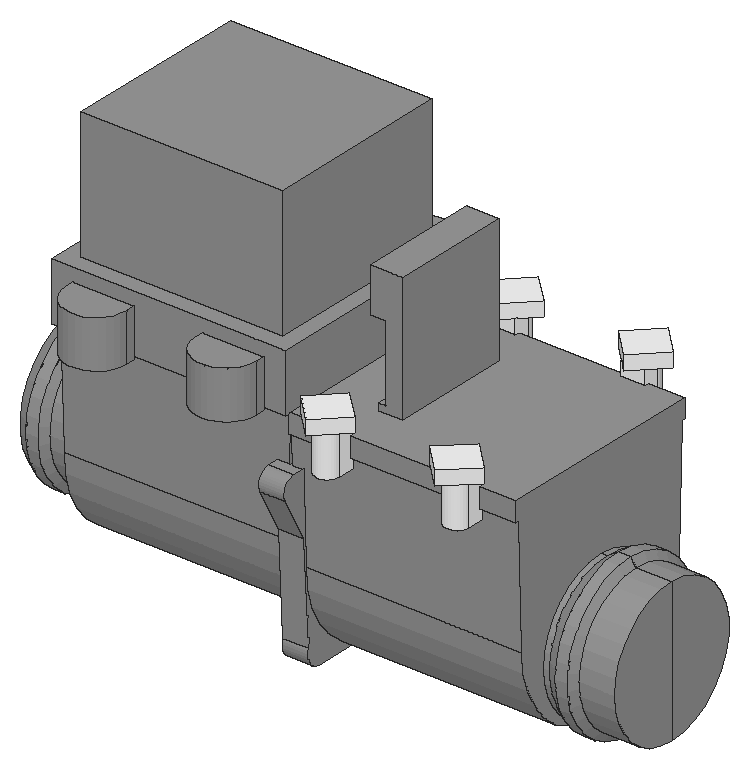
Revit family "HL_RU_Anti-flooding valve_HL710.2EPC-A-171212", category Příslušenství trubek, Revit 2021
Family settings
  Kóta kulaté spojky = Použít průměr
  Typ dílu = Normální
  Číslo OmniClass = 23.65.55.14.21
  Nadpis OmniClass = Non-Return Valves for Liquid Services
  Založené na pracovní rovině = Ne
  Vždy vertikální = Ano
  Ořezat dutým tvarem při načtení = Ne
  Sdílené = Ne
Parameters (values of type "HL_Механический канализационный затвор_HL710.2EPC")
  РАЗМЕР = "DN110"
  ПРОПУСКНАЯ СПОСОБНОСТЬ [instance] = 0.0 m³/h
  ПРАВОВАЯ ИНФОРМАЦИЯ = "\"Авторские права(©), права на дизайн или какие либо другие права интелектуальной собственности являются исключительной собственностью компании HL Hutterer & Lechner. Изменению не подлежит. Файл семейства с данными о прозводителе изделия защищен паролем с водяным знаком.\""
  ПАДЕНИЕ ДАВЛЕНИЯ [instance] = 0.0 Pa
  НОМИНАЛЬНЫЙ ДИАМЕТР 2 = 110 mm
  НОМИНАЛЬНЫЙ ДИАМЕТР = 110 mm
  МАТЕРИАЛ = "ABS"
  ВЫСОТА МОНТАЖА = "354 mm"
  ВЕС = "6,6 kg"
  Výrobce = "HL Hutterer & Lechner GmbH"
  Výchozí výška = 0 mm
  URL = "http://www.hutterer-lechner.com/ru/products/catalog/roof-drains/HL710.2EPC.aspx"
  Popis = "Механический канализационный затвор"
  Model = "HL710.2EPC"
  Komentáře k typům = "Механический магистральный канализационный затвор DN110 с электроприводной заслонкой, с дополнительной заслонкой из нержавеющей стали и ручным затвором . С возможностью поключения к компьютеру."
  Keynote = "HL710.2EPC"
  EAN = "9003076008469"
  Cena = 0
Types (2, lengths in mm): name | URL | Popis | Komentáře k typům
  (no name) | "http://www.hutterer-lechner.com/en/products/catalog/roof-drains/HL710.2EPC.aspx" | "Anti flood valves" | "anti-flood valve DN110 with electronically controlled flap, additional stainless steel flap and manual blocking. With interface"
  HL_Механический канализационный затвор_HL710.2EPC | "http://www.hutterer-lechner.com/ru/products/catalog/roof-drains/HL710.2EPC.aspx" | "Механический канализационный затвор" | "Механический магистральный канализационный затвор DN110 с электроприводной заслонкой, с дополнительной заслонкой из нержавеющей стали и ручным затвором . С возможностью поключения к компьютеру."
Values of the unnamed type that differ from the named types
  ПРАВОВАЯ ИНФОРМАЦИЯ = "\"Copyright (©), design rights or any other intellectual property rights, shall be the exclusive property of HL Hutterer & Lechner GmbH. Modification is not allowed. Family has been watermarked.\""
Reference planes
  plane 1 "Střed (vpředu/vzadu)": y = 0
  plane 2: z = 0
  plane 3 "Střed (vlevo/vpravo)": x = 0
Forms (mm)
  Sweep 1, solid, material "Plastic - Orange", detail levels fine
    path origin (291.79, -0.031, 108.14) x (1, 0, 0) y (0, 1, 0)
      loop
        line (94.75, 0) -> (-94.75, 0)
    profile origin (291.79, -0.031, 108.14) x (0, -1, 0) y (0, 0, 1)
      loop
        line (0, 0) -> (-88.191, 0) -> (-88.191, -16) -> (-85.007, -16) -> (-81.517, -115.939)
        arc (-81.517, -115.939) -> (-58.546, -174.931) -> (0, -199.017) r 80.412
        arc (0, -199.017) -> (58.546, -174.931) -> (81.517, -115.939) r 80.412
        line (81.517, -115.939) -> (85.007, -16) -> (88.191, -16) -> (88.191, 0) -> (0, 0)
  Extrusion 2, solid, material "Plactic - White", detail levels fine
    sketch origin (291.79, -0.031, 108.14) x (1, 0, 0) y (0, 1, 0)
      loop
        line (54, -121.127) -> (76.627, -98.5) -> (54, -75.873) -> (31.373, -98.5) -> (54, -121.127)
    from 11.235 to 23.235
  Extrusion 3, solid, material "Plactic - White", detail levels fine
    sketch origin (291.79, -0.031, 119.375) x (0, 1, 0) y (1, 0, 0)
      loop
        arc (-98.5, 64) -> (-108.5, 54) -> (-98.5, 44) r 10
        line (-98.5, 44) -> (-84.694, 44) -> (-84.694, 64) -> (-98.5, 64)
    from 0 to 37.235
  Extrusion 4, solid, material "Plactic - White", detail levels fine
    sketch origin (183.79, -0.031, 108.14) x (1, 0, 0) y (0, 1, 0)
      loop
        line (54, -121.127) -> (76.627, -98.5) -> (54, -75.873) -> (31.373, -98.5) -> (54, -121.127)
    from 11.235 to 23.235
  Extrusion 5, solid, material "Plactic - White", detail levels fine
    sketch origin (183.79, -0.031, 119.375) x (0, 1, 0) y (1, 0, 0)
      loop
        arc (-98.5, 64) -> (-108.5, 54) -> (-98.5, 44) r 10
        line (-98.5, 44) -> (-84.694, 44) -> (-84.694, 64) -> (-98.5, 64)
    from 0 to 37.235
  Extrusion 6, solid, material "Plactic - White", detail levels fine
    sketch origin (291.79, -0.031, 108.14) x (1, 0, 0) y (0, 1, 0)
      loop
        line (54, 121.127) -> (31.373, 98.5) -> (54, 75.873) -> (76.627, 98.5) -> (54, 121.127)
    from 11.235 to 23.235
  Extrusion 7, solid, material "Plactic - White", detail levels fine
    sketch origin (291.79, -0.031, 119.375) x (0, -1, 0) y (1, 0, 0)
      loop
        arc (-98.5, 64) -> (-108.5, 54) -> (-98.5, 44) r 10
        line (-98.5, 44) -> (-84.694, 44) -> (-84.694, 64) -> (-98.5, 64)
    from 0 to 37.235
  Extrusion 8, solid, material "Plactic - White", detail levels fine
    sketch origin (183.79, -0.031, 108.14) x (1, 0, 0) y (0, 1, 0)
      loop
        line (54, 121.127) -> (31.373, 98.5) -> (54, 75.873) -> (76.627, 98.5) -> (54, 121.127)
    from 11.235 to 23.235
  Extrusion 9, solid, material "Plactic - White", detail levels fine
    sketch origin (183.79, -0.031, 119.375) x (0, 1, 0) y (1, 0, 0)
      loop
        line (98.5, 64) -> (84.694, 64) -> (84.694, 44) -> (98.5, 44)
        arc (98.5, 44) -> (108.5, 54) -> (98.5, 64) r 10
    from 0 to 37.235
  Sweep 10, solid, material "Plastic - Orange", not visible, detail levels fine
    path origin (291.79, -0.031, 108.14) x (1, 0, 0) y (0, 0, 1)
      loop
        line (154.383, -137.5) -> (94.75, -137.5)
    profile origin (416.356, -0.031, -29.36) x (0, 0, -1) y (0, -1, 0)
      loop
        circle (0, 0) r 55
  Extrusion 11, solid, material "Plastic - Red", detail levels fine
    sketch origin (294.392, 0, 108.14) x (1, 0, 0) y (0, 0, 1)
      loop
        line (-32.383, 106.5) -> (-58.883, 106.5) -> (-58.883, 69) -> (-46.383, 69) -> (-46.383, 5.902) -> (-52.472, 5.902) -> (-52.472, 0) -> (-32.383, 0) -> (-32.383, 106.5)
    from -50 to 50
  Sweep 12, solid, material "Plastic - Orange", detail levels fine
    path origin (99.75, -0.031, 123.14) x (1, 0, 0) y (0, 1, 0)
      loop
        line (94.75, 0) -> (-94.75, 0)
    profile origin (99.75, -0.031, 123.14) x (0, -1, 0) y (0, 0, 1)
      loop
        line (85.007, -16) -> (-85.007, -16) -> (-81.517, -115.939)
        arc (-81.517, -115.939) -> (-58.546, -174.931) -> (0, -199.017) r 80.412
        arc (0, -199.017) -> (58.546, -174.931) -> (81.517, -115.939) r 80.412
        line (81.517, -115.939) -> (85.007, -16)
  Revolve 13, solid, material "Plastic - Orange", detail levels fine
    sketch origin (99.75, -0.031, 123.14) x (1, 0, 0) y (0, 0, 1)
      loop
        line (-149.117, -123.14) -> (-94.75, -123.14) -> (-94.75, -63.685) -> (-124.977, -63.685) -> (-129.134, -56.965) -> (-139.134, -56.965) -> (-149.117, -63.14) -> (-149.117, -123.14)
      axis (-94.75, -123.14) -> (-149.117, -123.14)
    angle from 0 to 360
  Extrusion 14, solid, material "Plastic - Orange", detail levels fine
    sketch origin (198.153, 0, 123.14) x (0, 1, 0) y (0, 0, 1)
      loop
        line (0, -56.5) -> (-93.75, -56.5)
        arc (-93.75, -56.5) -> (-102.843, -61.75) -> (-102.843, -72.25) r 10.5
        line (-102.843, -72.25) -> (-83.203, -108.667) -> (-78.818, -192.347)
        arc (-78.818, -192.347) -> (-77.775, -203.969) -> (-67.5, -209.5) r 12.31
        line (-67.5, -209.5) -> (0, -209.5) -> (67.5, -209.5)
        arc (67.5, -209.5) -> (77.775, -203.969) -> (78.818, -192.347) r 12.31
        line (78.818, -192.347) -> (83.203, -108.667) -> (102.843, -72.25)
        arc (102.843, -72.25) -> (102.843, -61.75) -> (93.75, -56.5) r 10.5
        line (93.75, -56.5) -> (0, -56.5)
    from -12.945 to 8.055
  Extrusion 15, solid, material "Plastic - Orange", detail levels fine
    sketch origin (194.5, 84.976, 107.14) x (-1, 0, 0) y (0, -1, 0)
      loop
        line (192.39, 176.616) -> (-3.099, 176.616) -> (-3.099, -6.664) -> (192.39, -6.664) -> (192.39, 176.616)
    from 0 to 48.5
  Extrusion 16, solid, material "Plastic - Orange", detail levels fine
    sketch origin (169.082, 0, 155.64) x (1, 0, 0) y (0, 1, 0)
      loop
        arc (-40.722, -99.205) -> (-15.332, -124.595) -> (10.058, -99.205) r 25.39
        line (10.058, -99.205) -> (10.058, -91.64) -> (-40.722, -91.64) -> (-40.722, -99.205)
    from -51 to -11
  Extrusion 17, solid, material "Plastic - Orange", detail levels fine
    sketch origin (194.5, 84.976, 155.64) x (-1, 0, 0) y (0, -1, 0)
      loop
        line (178.644, 162.87) -> (10.856, 162.87) -> (10.856, 7.082) -> (178.644, 7.082) -> (178.644, 162.87)
    from 0 to 108.5
  Extrusion 18, solid, material "Plastic - Orange", detail levels fine
    sketch origin (-130.918, 0, 155.64) x (1, 0, 0) y (0, 1, 0)
      loop
        arc (151.278, -99.205) -> (176.668, -124.595) -> (202.058, -99.205) r 25.39
        line (202.058, -99.205) -> (202.058, -91.64) -> (151.278, -91.64) -> (151.278, -99.205)
    from -51 to -11
  Extrusion 19, solid, material "Plastic - Orange", detail levels fine
    sketch origin (169.082, 0, 155.64) x (1, 0, 0) y (0, 1, 0)
      loop
        line (-40.722, 99.205) -> (-40.722, 91.64) -> (10.058, 91.64) -> (10.058, 99.205)
        arc (10.058, 99.205) -> (-15.332, 124.595) -> (-40.722, 99.205) r 25.39
    from -51 to -11
  Extrusion 20, solid, material "Plastic - Orange", detail levels fine
    sketch origin (-130.918, 0, 155.64) x (1, 0, 0) y (0, 1, 0)
      loop
        line (151.278, 99.205) -> (151.278, 91.64) -> (202.058, 91.64) -> (202.058, 99.205)
        arc (202.058, 99.205) -> (176.668, 124.595) -> (151.278, 99.205) r 25.39
    from -51 to -11
  Revolve 21, solid, material "Plastic - Orange", detail levels fine
    sketch origin (540.923, -0.031, 93.78) x (1, 0, 0) y (0, 0, 1)
      loop
        line (-154.383, -123.14) -> (-94.75, -123.14) -> (-94.75, -63.685) -> (-124.977, -63.685) -> (-129.134, -56.965) -> (-139.134, -56.965) -> (-149.117, -63.14) -> (-154.383, -63.14) -> (-154.383, -123.14)
      axis (-94.75, -123.14) -> (-154.383, -123.14)
    angle from 0 to 360
Lines and regions (mm)
  symbolic lines, style "Symbol", detail levels coarse+medium
    curve 1: line (446.173, 0, 0) -> (0, 0, 0)
    curve 2: line (348.086, -60, 0) -> (348.086, 60, 0)
    curve 3: line (348.086, 60, 0) -> (98.086, 60, 0)
    curve 4: line (98.086, -60, 0) -> (98.086, 60, 0)
    curve 9: line (223.086, -105, 0) -> (223.086, 105, 0)
    curve 10: line (348.086, -60, 0) -> (98.086, -60, 0)
  model lines, style "Symbol", detail levels coarse+medium
    curve 5: line (0, 0, 0) -> (446.173, 0, -29.36)
    curve 6: line (348.086, 0, -74.68) -> (348.086, 0, 45.32)
    curve 7: line (348.086, 0, 45.32) -> (98.086, 0, 45.32)
    curve 8: line (98.086, 0, -74.68) -> (98.086, 0, 45.32)
    curve 13: line (348.086, 0, -74.68) -> (98.086, 0, -74.68)
  model lines, detail levels coarse+medium
    curve 11: line (223.086, 0, -14.68) -> (223.086, 0, 90.32)
    curve 12: line (223.086, 0, -119.68) -> (223.086, 0, -14.68)
Dimensions and locks
  aligned and locked: level to plane 2
Connectors
  piping at (0, 0, 0), diameter 110, driven by "ПАДЕНИЕ ДАВЛЕНИЯ", driven by "НОМИНАЛЬНЫЙ ДИАМЕТР", driven by "ПРОПУСКНАЯ СПОСОБНОСТЬ"
    settings: on plane 3 "Střed (vlevo/vpravo)", index 1, connector inside diameter 609.6 mm, connector length 0 mm, flow factor 0, pipe flow 0.0 m³/h, pressure drop 0.0 Pa, fitting loss kfactor 0, connector angle 0.00°, fixture units 0, engagement length 0 mm, angle of deflection 0.00°, flow configuration 0, flow direction 0, fitting loss method 4, system type 16, joint type 0, gender type 0, connector reference index -1, connector utility 0, adjustable connector no, is connector primary yes, connector description ""
  piping at (446.173, -0.031, -29.36), diameter 110, driven by "НОМИНАЛЬНЫЙ ДИАМЕТР 2", driven by "ПРОПУСКНАЯ СПОСОБНОСТЬ"
    settings: on Sweep 10, index 2, connector inside diameter 609.6 mm, connector length 0 mm, flow factor 0, pipe flow 0.0 m³/h, pressure drop 0.0 Pa, fitting loss kfactor 0, connector angle 0.00°, fixture units 0, engagement length 0 mm, angle of deflection 0.00°, flow configuration 1, flow direction 2, fitting loss method 4, system type 16, joint type 0, gender type 0, connector reference index -1, connector utility 0, adjustable connector no, is connector primary no, connector description ""
